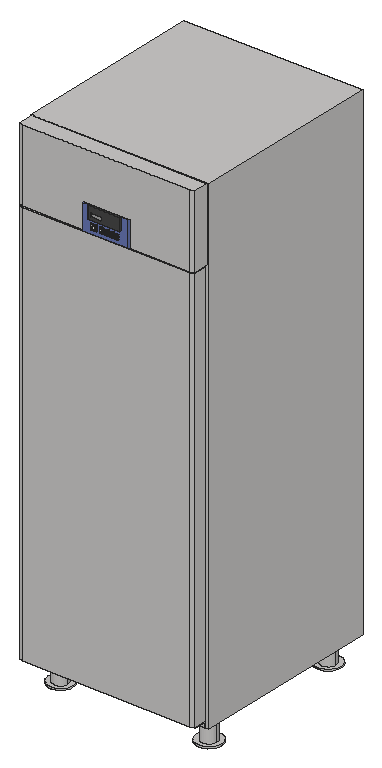
Revit family "QF_ELECTROLUXPROFESSIONAL_725193_TC671DH6M", category Specialty Equipment, Revit 2018
Family settings
  Round Connector Dimension = Use Diameter
  Part Type = Normal
  Work Plane-Based = No
  Always vertical = Yes
  Cut with Voids When Loaded = No
  Shared = No
  Room Calculation Point = No
Parameters (values of type "Standard")
  Weight = 149.00 kg
  Watts = 0 W
  Volts = 220 V
  URL Manufacturer = "http://professional.electrolux.com"
  URL = "http://professional.electrolux.com"
  Steam Supply Size = 0 mm
  Steam Supply Minimum Pressure = 0.0 Pa
  Steam Supply Maximum Pressure = 0.0 Pa
  Steam Pounds per Hour = 0
  Refrigeration Suction Line Size = 0 mm
  Refrigeration Liquid Line Size = 0 mm
  Refrigerant Compressor Remote = yes
  Manufacturer = "Electrolux Professional"
  Phase = 1
  Model = "TC671DH6M"
  Length Actual = 710 mm  # constant formula
  Item Number = "725193"
  Hot Water Size = 0 mm
  Height Actual = 2036 mm  # constant formula
  HP = "2.3 HP"
  Gas Size = 0 mm
  Gas KW = 0
  Gas Input Pressure = 0 W
  Direct Waste Size = 0 mm
  Description = "1-DOOR THAWING CABINET 670L, 10 POSITIONS - MARINE 220/60HZ  R290"
  Depth Actual = 835 mm  # constant formula
  Cycle = 60 Hz
  Condensate Return Size = 0 mm
  Compressed Air Volume = 0.0 L/s
  Compressed Air Size = 0 mm
  Compressed Air Pressure = 0.0 Pa
  Cold Water Size = 0 mm
  Accessory = yes
Reference planes
  plane 1 "Center (Front/Back)": y = 0
  plane 2: z = 0
  plane 3 "Center (Left/Right)": x = 0
  plane 4 "BASE": z = 96
  plane 5 "TOP": z = 2036
  plane 6 "FRONT": y = -417.5
  plane 7 "BACK": y = 417.5
  plane 8 "LEFT": x = -355
  plane 9 "RIGHT": x = 355
Forms (mm)
  Extrusion 1, solid, material "QF_Finishes_Stainless Steel"
    sketch origin (0, 0, 0) x (1, 0, 0) y (0, 1, 0)
      loop
        circle (-278, 344.5) r 50
      loop
        circle (278, 344.5) r 50
      loop
        circle (-295, -269.5) r 50
      loop
        circle (295, -269.5) r 50
    from 0 to 5
  Extrusion 2, solid, material "QF_Finishes_Stainless Steel"
    sketch origin (0, 0, 0) x (1, 0, 0) y (0, 1, 0)
      loop
        circle (-278, 344.5) r 30
      loop
        circle (278, 344.5) r 30
      loop
        circle (295, -269.5) r 30
      loop
        circle (-295, -269.5) r 30
    from 5 to 96
  Extrusion 3, solid, material "QF_Finishes_Stainless Steel"
    sketch origin (0, 0, 96) x (-1, 0, 0) y (0, -1, 0)
      loop
        line (355, -417.5) -> (355, 345.5) -> (-355, 345.5) -> (-355, -417.5) -> (355, -417.5)
    from 0 to 1940
  Extrusion 4, solid
    sketch origin (0, 417.5, 1715) x (-1, 0, 0) y (0, 0, 1)
      loop
        circle (339, 110) r 10
    from 0 to 3.2
  Extrusion 5, solid, material "QF_Door-Drawer Clearances", detail levels coarse
    sketch origin (0, 0, 96) x (-1, 0, 0) y (0, -1, 0)
      loop
        line (-345, 409.5) -> (-283, 409.5) -> (-283, 1006.5) -> (-301, 1006.5) -> (-301, 1024.5) -> (-323, 1024.5) -> (-323, 1062.5) -> (-345, 1062.5) -> (-345, 409.5)
    from 1642.965 to 28
  Extrusion 6, solid, material "QF_Door-Drawer Clearances", detail levels coarse
    sketch origin (0, 0, 96) x (-1, 0, 0) y (0, -1, 0)
      loop
        line (-283, 409.5) -> (347, 409.5)
        arc (347, 409.5) -> (150.684, 878.295) -> (-323, 1062.5) r 650
        line (-323, 1062.5) -> (-323, 1024.5) -> (-301, 1024.5) -> (-301, 1006.5) -> (-283, 1006.5) -> (-283, 409.5)
    from 1642.965 to 28
  Extrusion 7, solid, material "QF_Clearances", detail levels coarse
    sketch origin (0, 0, 96) x (-1, 0, 0) y (0, -1, 0)
      loop
        line (355, 417.5) -> (355, -417.5) -> (-355, -417.5) -> (-355, 417.5) -> (-455, 417.5) -> (-455, -517.5) -> (455, -517.5) -> (455, 417.5) -> (355, 417.5)
    from -96 to 1940
  Extrusion 8, solid, material "QF_Clearances", detail levels coarse
    sketch origin (0, 0, 2036) x (-1, 0, 0) y (0, -1, 0)
      loop
        line (455, -517.5) -> (455, 417.5) -> (-455, 417.5) -> (-455, -517.5) -> (455, -517.5)
    from 0 to 200
  Extrusion 9, void
    sketch origin (0, 417.5, 0) x (-1, 0, 0) y (0, 0, 1)
      loop
        line (280, 1625.965) -> (-280, 1625.965) -> (-280, 166) -> (0, 156) -> (280, 165.676) -> (280, 1625.965)
    from -56 to -763
Cuts and joins
  joined: Extrusion 7, Extrusion 8
  Extrusion 9 cuts Extrusion 3
Lines and regions (mm)
  symbolic lines, style "SpecialityEquipmentHiddenLines"
    curve 1: line (345, -409.5, 96) -> (345, -1062.5, 96)
    curve 2: line (345, -1062.5, 96) -> (323, -1062.5, 96)
    curve 3: line (283, -409.5, 96) -> (283, -1006.5, 96)
    curve 4: line (323, -1062.5, 96) -> (323, -1024.5, 96)
    curve 5: line (323, -1024.5, 96) -> (301, -1024.5, 96)
    curve 6: line (301, -1024.5, 96) -> (301, -1006.5, 96)
    curve 7: line (301, -1006.5, 96) -> (283, -1006.5, 96)
    curve 8: arc (-347, -409.5, 96) -> (-150.684, -878.295, 96) -> (323, -1062.5, 96) r 650
  symbolic lines, style "QF_Clearances", detail levels coarse
    curve 9: line (-355, -417.5, 2036) -> (-455, -417.5, 2036)
    curve 10: line (-455, -417.5, 2036) -> (-455, 517.5, 2036)
    curve 11: line (-455, 517.5, 2036) -> (455, 517.5, 2036)
    curve 12: line (455, 517.5, 2036) -> (455, -417.5, 2036)
    curve 13: line (455, -417.5, 2036) -> (355, -417.5, 2036)
  symbolic lines
    curve 14: line (355, 417.5, 2036) -> (-355, 417.5, 2036)
    curve 15: line (355, -345.5, 2036) -> (355, 417.5, 2036)
    curve 16: line (-355, -345.5, 2036) -> (355, -345.5, 2036)
    curve 17: line (-355, 417.5, 2036) -> (-355, -345.5, 2036)
Dimensions and locks
  equal spacing: plane 7 "BACK", plane 1 "Center (Front/Back)", plane 6 "FRONT"
  equal spacing: plane 8 "LEFT", plane 3 "Center (Left/Right)", plane 9 "RIGHT"
  plane 8 "LEFT" to plane 9 "RIGHT" = 710 mm
  plane 7 "BACK" to plane 6 "FRONT" = 835 mm
  plane 5 "TOP" to plane 2 = 2036 mm
  cut or joined group of Extrusion 7, Extrusion 8 to cut or joined group of Extrusion 7, Extrusion 8 = 200 mm
  Extrusion 5 to plane 7 "BACK" = 1480 mm
  aligned and locked: level to plane 2
Automatic sketch dimensions
  Extrusion 3 sketch curve to plane 7 "BACK" = 0 mm
  Extrusion 3 sketch curve to plane 9 "RIGHT" = 0 mm
  Extrusion 3 sketch curve to plane 8 "LEFT" = 0 mm
  plane 8 "LEFT" to Extrusion 4 sketch curve = 16 mm
  plane 4 "BASE" to Extrusion 4 sketch curve = 1729 mm
  plane 9 "RIGHT" to curve 1 = 10 mm
  curve 1 to curve 2 = 22 mm
  plane 6 "FRONT" to curve 8 = 4.692 mm
  curve 7 to plane 6 "FRONT" = 589 mm
  curve 6 to curve 5 = 18 mm
  curve 4 to curve 2 = 38 mm
  plane 6 "FRONT" to curve 8 = 8 mm
  plane 6 "FRONT" to curve 1 = 8 mm
  plane 6 "FRONT" to curve 3 = 8 mm
  plane 9 "RIGHT" to Extrusion 5 sketch curve = 10 mm
  Extrusion 5 sketch curve to plane 6 "FRONT" = 589 mm
  Extrusion 5 sketch curve to Extrusion 5 sketch curve = 18 mm
  Extrusion 5 sketch curve to Extrusion 5 sketch curve = 38 mm
  plane 6 "FRONT" to Extrusion 5 sketch curve = 8 mm
  plane 6 "FRONT" to Extrusion 6 sketch curve = 4.692 mm
  Extrusion 6 sketch curve to Extrusion 6 sketch curve = 18 mm  (x2)
  Extrusion 6 sketch curve to Extrusion 6 sketch curve = 38 mm
  plane 8 "LEFT" to Extrusion 6 sketch curve = 8 mm
  plane 6 "FRONT" to Extrusion 6 sketch curve = 8 mm
  Extrusion 7 sketch curve to plane 6 "FRONT" = 0 mm  (x2)
  Extrusion 7 sketch curve to plane 7 "BACK" = 0 mm
  Extrusion 7 sketch curve to plane 9 "RIGHT" = 0 mm
  Extrusion 7 sketch curve to plane 8 "LEFT" = 0 mm
  Extrusion 7 sketch curve to plane 9 "RIGHT" = 100 mm
  Extrusion 7 sketch curve to plane 8 "LEFT" = 100 mm
  plane 7 "BACK" to Extrusion 7 sketch curve = 100 mm
  Extrusion 8 sketch curve to plane 6 "FRONT" = 0 mm
  Extrusion 8 sketch curve to plane 9 "RIGHT" = 100 mm
  Extrusion 8 sketch curve to plane 8 "LEFT" = 100 mm
  plane 7 "BACK" to Extrusion 8 sketch curve = 100 mm
  plane 8 "LEFT" to Extrusion 1 sketch curve = 60 mm
  plane 8 "LEFT" to Extrusion 1 sketch curve = 77 mm
  plane 9 "RIGHT" to Extrusion 1 sketch curve = 77 mm
  plane 9 "RIGHT" to Extrusion 1 sketch curve = 60 mm
  plane 6 "FRONT" to Extrusion 1 sketch curve = 148 mm  (x2)
  Extrusion 1 sketch curve to plane 7 "BACK" = 73 mm  (x2)
  plane 8 "LEFT" to Extrusion 2 sketch curve = 60 mm
  plane 8 "LEFT" to Extrusion 2 sketch curve = 77 mm
  plane 9 "RIGHT" to Extrusion 2 sketch curve = 77 mm
  plane 9 "RIGHT" to Extrusion 2 sketch curve = 60 mm
  plane 6 "FRONT" to Extrusion 2 sketch curve = 148 mm  (x2)
  Extrusion 2 sketch curve to plane 7 "BACK" = 73 mm  (x2)
  plane 6 "FRONT" to Extrusion 3 sketch curve = 72 mm
  curve 1 to curve 8 = 42.008 mm
  curve 4 to curve 5 = 22 mm
  curve 6 to curve 3 = 18 mm
  plane 9 "RIGHT" to Extrusion 5 sketch curve = 32 mm
  Extrusion 5 sketch curve to Extrusion 5 sketch curve = 22 mm
  Extrusion 5 sketch curve to Extrusion 5 sketch curve = 62 mm
  plane 9 "RIGHT" to Extrusion 6 sketch curve = 72 mm
  Extrusion 6 sketch curve to Extrusion 6 sketch curve = 19.992 mm
  Extrusion 6 sketch curve to Extrusion 6 sketch curve = 22 mm
  Extrusion 9 sketch curve to plane 3 "Center (Left/Right)" = 0 mm
  plane 8 "LEFT" to Extrusion 9 sketch curve = 75 mm
  plane 4 "BASE" to Extrusion 9 sketch curve = 60 mm
  plane 4 "BASE" to Extrusion 9 sketch curve = 69.676 mm
  Extrusion 9 sketch curve to plane 5 "TOP" = 410.035 mm
  plane 9 "RIGHT" to Extrusion 9 sketch curve = 75 mm
  Extrusion 9 sketch curve to Extrusion 9 sketch curve = 0.324 mm
  curve 12 to plane 6 "FRONT" = 0 mm
  curve 15 to plane 7 "BACK" = 0 mm
  curve 15 to plane 9 "RIGHT" = 0 mm
  curve 13 to plane 9 "RIGHT" = 0 mm
  curve 17 to plane 8 "LEFT" = 0 mm
  curve 9 to plane 6 "FRONT" = 0 mm
  curve 9 to plane 8 "LEFT" = 0 mm
  curve 12 to plane 9 "RIGHT" = 100 mm
  curve 9 to curve 10 = 100 mm
  plane 7 "BACK" to curve 12 = 100 mm
  plane 6 "FRONT" to curve 15 = 72 mm
  radius of Extrusion 1 sketch curve = 50 mm  (x4)
  radius of Extrusion 2 sketch curve = 30 mm  (x4)
  radius of Extrusion 4 sketch curve = 10 mm
Nested families
  nested 1: "QF_725192_Door" at (0, -345.5, 954.365) x (1, 0, 0) z (0, -1, 0), type "QF_725192_Door"
    with Show Clearance yes
Connectors
  electrical at (-339, 420.7, 1825), driven by "Volts"
    settings: on Extrusion 4, index 2, voltage 220 V, apparent load 0 VA, apparent load phase1 0 VA, apparent load phase2 0 VA, apparent load phase3 0 VA, power factor 1, load classification "Other", number of poles 1, system type 30, power factor state 1, is connector primary yes, connector utility no, sub classification motor no, connector description "Electrical Connection"
Definition of nested family "QF_725192_Door"
  Parameters
    Show Clearance [instance] = yes
    Model = "725192"
    Default Elevation = 1219.2 mm
  Reference planes
    plane 1 "Center (Front/Back)": y = 0
    plane 2: z = 0
    plane 3 "Center (Left/Right)": x = 0
  Forms (mm)
    Extrusion 1, solid
      sketch origin (0, -919.2, 0) x (1, 0, 0) y (0, 1, 0)
        loop
          line (-460, 2119.2) -> (-460, -162.846) -> (488.967, -162.846) -> (488.967, 2119.2) -> (-460, 2119.2)
      from 0 to -59.546
    Extrusion 2, solid
      sketch origin (0, 0, 0) x (1, 0, 0) y (0, 0, 1)
        loop
          line (-347, 60) -> (-347, 0) -> (347, 0) -> (347, 60) -> (332, 64) -> (-332, 64) -> (-347, 60)
      from -1081.6 to -791.6
    Extrusion 3, solid
      sketch origin (0, 0, 0) x (1, 0, 0) y (0, 0, 1)
        loop
          line (-347, 60) -> (-347, 26) -> (-325, 26) -> (-325, 8) -> (-307, 8) -> (-307, 0) -> (339, 0) -> (339, 8) -> (347, 8) -> (347, 60) -> (332, 64) -> (-332, 64) -> (-347, 60)
      from -784.6 to 830.4
    Extrusion 4, solid
      sketch origin (119, -516.365, 0) x (0, 1, 0) y (0, 0, 1)
        loop
          line (-323.003, 40.312) -> (-316.501, 40.312) -> (-316.501, 42.812) -> (-325.503, 42.812) -> (-325.503, 2.5) -> (-342, 2.5) -> (-342, 0) -> (-323.003, 0) -> (-323.003, 12.259) -> (-323.003, 40.312)
        loop
          line (-314, 38.311) -> (-316.501, 38.311) -> (-316.501, 14.304) -> (-319.752, 14.304) -> (-319.752, 11.804) -> (-314, 11.804) -> (-314, 38.311)
      from 185 to 220
    Extrusion 5, solid
      sketch origin (119, 469.597, 0) x (0, 1, 0) y (0, 0, 1)
        loop
          line (315.003, 27.948) -> (315.003, 2.948) -> (315.003, 0) -> (322.003, 0) -> (322.003, 2.5) -> (317.503, 2.5) -> (317.503, 27.948) -> (315.003, 27.948)
      from 185 to 220
  Lines and regions (mm)
    symbolic lines
      curve 1: line (-332, 0, 64) -> (332, 0, 64)
      curve 2: line (-347, 0, 0) -> (-347, 0, 60)
      curve 3: line (347, 0, 0) -> (-347, 0, 0)
      curve 4: line (347, 0, 60) -> (347, 0, 0)
      curve 5: line (-347, 0, 26) -> (-325, 0, 26)
      curve 6: line (-325, 0, 26) -> (-325, 0, 8)
      curve 7: line (-325, 0, 8) -> (-307, 0, 8)
      curve 8: line (-307, 0, 8) -> (-307, 0, 0)
      curve 9: line (339, 0, 8) -> (347, 0, 8)
      curve 10: line (339, 0, 8) -> (339, 0, 0)
      curve 11: line (-332, 0, 64) -> (-347, 0, 60)
      curve 12: line (332, 0, 64) -> (347, 0, 60)
  Dimensions and locks
    aligned and locked: plane 2 to Extrusion 1
    aligned and locked: level to Extrusion 1
  Nested families
    nested 1: "QF_DisplayCabinets180x100" at (0, 841.6, 64), type "QF_DisplayCabinets180x100"
      with Show Clearance yes
  Definition of nested family "QF_DisplayCabinets180x100"
    Parameters
      Show Clearance [instance] = yes
      Model = ""
      Default Elevation = 0 mm
    Reference planes
      plane 1 "Center (Front/Back)": y = 0
      plane 2: z = 0
      plane 3 "Center (Left/Right)": x = 0
    Forms (mm)
      Extrusion 1, solid
        sketch origin (0, -919.2, 0) x (1, 0, 0) y (0, 1, 0)
          loop
            line (-198.75, 1146.2) -> (-198.75, 709.567) -> (165.741, 709.567) -> (165.741, 1146.2) -> (-198.75, 1146.2)
        from 0 to -59.546
      Extrusion 2, solid
        sketch origin (0, 0, 0) x (1, 0, 0) y (0, 1, 0)
          loop
            line (-90, 50) -> (-90, -50) -> (90, -50) -> (90, 50) -> (60, 50) -> (60, 0) -> (-70, 0) -> (-70, 50) -> (-90, 50)
        from 5.4 to 0
      Extrusion 3, solid
        sketch origin (0, -30, 0) x (1, 0, 0) y (0, 1, 0)
          loop
            line (-70, 80) -> (-70, 30) -> (60, 30) -> (60, 80) -> (-70, 80)
          loop
            line (-56.633, 56.452) -> (-56.633, 39.793) -> (-11.633, 39.793) -> (-11.633, 56.452) -> (-56.633, 56.452)
        from 0 to 8
      Extrusion 4, solid
        sketch origin (0, 0, 0) x (1, 0, 0) y (0, 1, 0)
          loop
            line (-56.633, 26.452) -> (-56.633, 9.793) -> (-11.633, 9.793) -> (-11.633, 26.452) -> (-56.633, 26.452)
        from 0 to 7
      Extrusion 5, solid
        sketch origin (0, 0, 0) x (1, 0, 0) y (0, 1, 0)
          loop
            line (-43.063, -13.359) -> (-43.063, -33.154)
            arc (-43.063, -33.154) -> (-35.746, -23.257) -> (-43.063, -13.359) r 10.352
          loop
            arc (-44.07, -13.359) -> (-52.302, -15.23) -> (-56.268, -22.683) r 10.145
            line (-56.268, -22.683) -> (-52.994, -22.683)
            arc (-52.994, -22.683) -> (-47.143, -20.308) -> (-44.07, -14.793) r 9.509
            line (-44.07, -14.793) -> (-44.07, -13.359)
          loop
            arc (-44.07, -31.721) -> (-47.143, -26.205) -> (-52.994, -23.831) r 9.509
            line (-52.994, -23.831) -> (-56.268, -23.831)
            arc (-56.268, -23.831) -> (-52.309, -31.345) -> (-44.07, -33.408) r 10.411
            line (-44.07, -33.408) -> (-44.07, -31.721)
          loop
            line (-57.02, -12.279) -> (-57.02, -34.279) -> (-34.99, -34.279) -> (-34.99, -12.279) -> (-57.02, -12.279)
        from 5.4 to 7
      Extrusion 6, solid
        sketch origin (0, 0, 0) x (1, 0, 0) y (0, 1, 0)
          loop
            line (-15.272, -12.492) -> (-22.708, -12.492) -> (-22.708, -21.151)
            arc (-22.708, -21.151) -> (-21.729, -23.514) -> (-19.367, -24.492) r 3.341
            line (-19.367, -24.492) -> (-15.128, -24.492) -> (-15.128, -22.55) -> (-18.883, -22.55)
            arc (-18.883, -22.55) -> (-20.117, -22.133) -> (-20.642, -20.941) r 1.615
            line (-20.642, -20.941) -> (-20.642, -19.224) -> (-15.593, -19.224) -> (-15.593, -17.274) -> (-20.642, -17.274) -> (-20.642, -14.436) -> (-15.272, -14.436) -> (-15.272, -12.492)
          loop
            line (-13.66, -12.492) -> (-13.66, -24.492) -> (-11.593, -24.492) -> (-11.593, -12.492) -> (-13.66, -12.492)
          loop
            line (31.232, -12.492) -> (31.232, -24.492) -> (33.3, -24.492) -> (33.3, -12.492) -> (31.232, -12.492)
          loop
            line (-8.175, -20.66) -> (-1.392, -20.66)
            arc (-1.392, -20.66) -> (-2.453, -16.934) -> (-6.081, -15.575) r 4.298
            arc (-6.081, -15.575) -> (-9.277, -17.196) -> (-10.188, -20.66) r 4.373
            arc (-10.188, -20.66) -> (-8.988, -23.558) -> (-6.091, -24.758) r 4.097
            arc (-6.091, -24.758) -> (-3.837, -24.425) -> (-1.946, -23.152) r 5.15
            line (-1.946, -23.152) -> (-3.171, -21.928)
            arc (-3.171, -21.928) -> (-4.778, -22.892) -> (-6.645, -22.73) r 3.039
            arc (-6.645, -22.73) -> (-7.784, -21.972) -> (-8.175, -20.66) r 2.013
          loop
            line (-8.123, -19.207) -> (-3.469, -19.207)
            arc (-3.469, -19.207) -> (-4.122, -17.833) -> (-5.557, -17.326) r 1.983
            arc (-5.557, -17.326) -> (-7.213, -17.758) -> (-8.123, -19.207) r 2.321
          loop
            line (6.665, -18.342) -> (7.963, -17.044)
            arc (7.963, -17.044) -> (6.336, -15.866) -> (4.358, -15.514) r 4.497
            arc (4.358, -15.514) -> (1.341, -16.616) -> (-0.242, -19.411) r 4.652
            arc (-0.242, -19.411) -> (2.426, -24.31) -> (7.89, -23.18) r 4.684
            line (7.89, -23.18) -> (6.599, -21.89)
            arc (6.599, -21.89) -> (3.813, -22.811) -> (1.817, -20.66) r 2.714
            arc (1.817, -20.66) -> (1.956, -18.959) -> (3.127, -17.718) r 2.578
            arc (3.127, -17.718) -> (5.002, -17.432) -> (6.665, -18.342) r 2.961
          loop
            line (9.233, -12.492) -> (9.233, -20.693)
            arc (9.233, -20.693) -> (9.411, -21.923) -> (9.872, -23.078) r 5.301
            arc (9.872, -23.078) -> (11.347, -24.251) -> (13.216, -24.498) r 3.531
            line (13.216, -24.498) -> (13.216, -22.561)
            arc (13.216, -22.561) -> (12.66, -22.519) -> (12.142, -22.313) r 1.862
            arc (12.142, -22.313) -> (11.478, -21.611) -> (11.3, -20.66) r 1.713
            line (11.3, -20.66) -> (11.3, -17.691) -> (13.177, -17.691) -> (13.177, -15.813) -> (11.3, -15.813) -> (11.3, -12.492) -> (9.233, -12.492)
          loop
            arc (16.966, -19.93) -> (17.114, -19.065) -> (17.54, -18.298) r 2.607
            arc (17.54, -18.298) -> (18.779, -17.662) -> (20.17, -17.691) r 2.84
            line (20.17, -17.691) -> (20.17, -15.704)
            arc (20.17, -15.704) -> (18.352, -15.876) -> (16.966, -17.064) r 3.016
            line (16.966, -17.064) -> (16.966, -15.813) -> (14.916, -15.813) -> (14.916, -24.492) -> (16.966, -24.492) -> (16.966, -19.93)
          loop
            circle (25.224, -20.154) r 4.599
          loop
            circle (25.224, -20.154) r 2.787
          loop
            arc (40.755, -20.878) -> (40.245, -22.281) -> (38.861, -22.84) r 1.835
            arc (38.861, -22.84) -> (37.476, -22.281) -> (36.966, -20.878) r 1.835
            line (36.966, -20.878) -> (36.966, -15.813) -> (34.881, -15.813) -> (34.881, -21.05)
            arc (34.881, -21.05) -> (36.067, -23.754) -> (38.861, -24.712) r 3.675
            arc (38.861, -24.712) -> (41.685, -23.725) -> (42.839, -20.965) r 3.675
            line (42.839, -20.965) -> (42.839, -15.813) -> (40.755, -15.813) -> (40.755, -20.878)
          loop
            line (44.088, -15.813) -> (47.09, -19.889) -> (43.792, -24.495) -> (46.014, -24.495) -> (48.203, -21.438) -> (50.424, -24.495) -> (52.632, -24.495) -> (49.381, -19.842) -> (52.354, -15.813) -> (50.097, -15.813) -> (48.196, -18.39) -> (46.324, -15.813) -> (44.088, -15.813)
          loop
            line (-21.545, -29.467) -> (-23.194, -29.467) -> (-23.194, -33.617) -> (-22.292, -33.617) -> (-22.292, -32.188) -> (-21.295, -32.188)
            arc (-21.295, -32.188) -> (-20.179, -30.713) -> (-21.545, -29.467) r 1.372
          loop
            arc (-21.334, -31.373) -> (-20.993, -30.839) -> (-21.334, -30.306) r 0.587
            line (-21.334, -30.306) -> (-22.292, -30.306) -> (-22.292, -31.373) -> (-21.334, -31.373)
          loop
            line (-15.033, -29.467) -> (-16.71, -29.467) -> (-16.71, -33.617) -> (-15.808, -33.617) -> (-15.808, -32.188) -> (-14.935, -32.188) -> (-14.339, -33.617) -> (-13.37, -33.617) -> (-14.186, -31.867)
            arc (-14.186, -31.867) -> (-13.795, -31.4) -> (-13.664, -30.805) r 1.281
            arc (-13.664, -30.805) -> (-14.076, -29.857) -> (-15.033, -29.467) r 1.37
          loop
            line (-15.808, -30.306) -> (-15.808, -31.373) -> (-14.85, -31.373)
            arc (-14.85, -31.373) -> (-14.509, -30.839) -> (-14.85, -30.306) r 0.587
            line (-14.85, -30.306) -> (-15.808, -30.306)
          loop
            circle (-8.072, -31.542) r 2.156
          loop
            circle (-8.072, -31.542) r 1.368
          loop
            line (-2.373, -29.467) -> (-2.373, -33.617) -> (-1.493, -33.617) -> (-1.493, -32.167) -> (0.069, -32.167) -> (0.069, -31.237) -> (-1.493, -31.237) -> (-1.493, -30.361) -> (0.219, -30.361) -> (0.219, -29.467) -> (-2.373, -29.467)
          loop
            line (3.719, -29.467) -> (3.719, -32.269)
            arc (3.719, -32.269) -> (4.101, -33.219) -> (5.046, -33.614) r 1.327
            line (5.046, -33.614) -> (6.385, -33.614) -> (6.385, -32.83) -> (5.126, -32.83)
            arc (5.126, -32.83) -> (4.662, -32.447) -> (4.571, -31.852) r 0.845
            line (4.571, -31.852) -> (6.23, -31.852) -> (6.23, -31.068) -> (4.571, -31.068) -> (4.571, -30.251) -> (6.345, -30.251) -> (6.345, -29.467) -> (3.719, -29.467)
          loop
            arc (18.747, -29.993) -> (18.197, -29.542) -> (17.501, -29.398) r 1.485
            arc (17.501, -29.398) -> (16.858, -29.556) -> (16.329, -29.955) r 1.645
            arc (16.329, -29.955) -> (16.232, -30.897) -> (16.84, -31.624) r 1.217
            arc (16.84, -31.624) -> (17.351, -31.794) -> (17.836, -32.029) r 4.201
            arc (17.836, -32.029) -> (18.142, -32.39) -> (17.931, -32.814) r 0.43
            arc (17.931, -32.814) -> (17.539, -32.906) -> (17.149, -32.807) r 0.846
            arc (17.149, -32.807) -> (16.811, -32.564) -> (16.605, -32.203) r 0.983
            line (16.605, -32.203) -> (15.879, -32.542)
            arc (15.879, -32.542) -> (16.14, -33.046) -> (16.562, -33.427) r 1.595
            arc (16.562, -33.427) -> (17.04, -33.631) -> (17.557, -33.683) r 1.719
            arc (17.557, -33.683) -> (18.196, -33.556) -> (18.772, -33.25) r 2.246
            arc (18.772, -33.25) -> (19.027, -32.573) -> (18.896, -31.863) r 1.349
            arc (18.896, -31.863) -> (18.612, -31.535) -> (18.249, -31.298) r 1.564
            arc (18.249, -31.298) -> (17.79, -31.093) -> (17.32, -30.917) r 8.236
            arc (17.32, -30.917) -> (17.048, -30.494) -> (17.441, -30.181) r 0.375
            arc (17.441, -30.181) -> (17.911, -30.294) -> (18.273, -30.616) r 0.998
            line (18.273, -30.616) -> (18.747, -29.993)
          loop
            line (22.554, -29.467) -> (22.554, -33.614) -> (23.407, -33.614) -> (23.407, -29.467) -> (22.554, -29.467)
          loop
            circle (29.157, -31.541) r 1.29
          loop
            circle (29.157, -31.541) r 2.154
          loop
            line (34.878, -33.614) -> (35.739, -33.614) -> (35.739, -31.007) -> (37.636, -33.614) -> (38.465, -33.614) -> (38.465, -29.467) -> (37.604, -29.467) -> (37.604, -32.154) -> (35.707, -29.467) -> (34.878, -29.467) -> (34.878, -33.614)
          loop
            line (42.765, -33.614) -> (43.169, -32.72) -> (44.703, -32.72) -> (45.106, -33.614) -> (46.023, -33.614) -> (44.271, -29.467) -> (43.471, -29.467) -> (41.849, -33.614) -> (42.765, -33.614)
          loop
            line (44.32, -31.869) -> (43.909, -30.958) -> (43.51, -31.869) -> (44.32, -31.869)
          loop
            line (50.258, -32.83) -> (50.258, -29.467) -> (49.406, -29.467) -> (49.406, -33.614) -> (51.853, -33.614) -> (51.853, -32.83) -> (50.258, -32.83)
          loop
            arc (12.529, -29.993) -> (11.98, -29.542) -> (11.284, -29.398) r 1.485
            arc (11.284, -29.398) -> (10.641, -29.556) -> (10.112, -29.955) r 1.645
            arc (10.112, -29.955) -> (10.014, -30.897) -> (10.622, -31.624) r 1.217
            arc (10.622, -31.624) -> (11.133, -31.794) -> (11.618, -32.029) r 4.201
            arc (11.618, -32.029) -> (11.925, -32.39) -> (11.714, -32.814) r 0.43
            arc (11.714, -32.814) -> (11.322, -32.906) -> (10.931, -32.807) r 0.846
            arc (10.931, -32.807) -> (10.594, -32.564) -> (10.387, -32.203) r 0.983
            line (10.387, -32.203) -> (9.662, -32.542)
            arc (9.662, -32.542) -> (9.923, -33.046) -> (10.345, -33.427) r 1.595
            arc (10.345, -33.427) -> (10.823, -33.631) -> (11.34, -33.683) r 1.719
            arc (11.34, -33.683) -> (11.979, -33.556) -> (12.555, -33.25) r 2.246
            arc (12.555, -33.25) -> (12.809, -32.573) -> (12.678, -31.863) r 1.349
            arc (12.678, -31.863) -> (12.394, -31.535) -> (12.031, -31.298) r 1.564
            arc (12.031, -31.298) -> (11.573, -31.093) -> (11.102, -30.917) r 8.236
            arc (11.102, -30.917) -> (10.83, -30.494) -> (11.223, -30.181) r 0.375
            arc (11.223, -30.181) -> (11.694, -30.294) -> (12.056, -30.616) r 0.998
            line (12.056, -30.616) -> (12.529, -29.993)
        from 5.4 to 7
    Lines and regions (mm)
      symbolic lines
        curve 1: line (52.518, 0, 4) -> (-53.037, 0, 4)
        curve 2: line (40, 0, 4) -> (40, 0, 8)
        curve 3: line (40, 0, 8) -> (-40, 0, 8)
        curve 4: line (-40, 0, 8) -> (-40, 0, 4)
        curve 5: line (-64.765, 0, 0) -> (-53.037, 0, 4)
        curve 6: line (52.518, 0, 4) -> (64.135, 0, 0)
    Dimensions and locks
      aligned and locked: plane 2 to Extrusion 1
      aligned and locked: level to Extrusion 1
